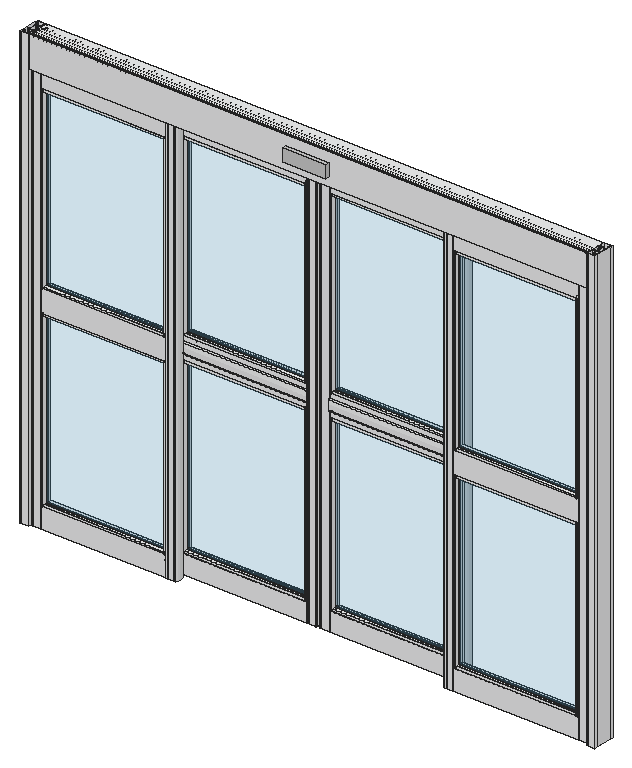
Revit family "2-5-14_Sliding-Door_TX9200SL_Bipart-Outside-Slide-O-SX-SX-O-w-Elec-Lock-Flush-Mnt-Exit-Panic-HDW_Tormax", category Doors, host Wall, Revit 2026 (continued)
Definition of nested family "Door-Sliding-Tormax-Panel-Exit_Panic-SX"
  Forms (in)
    Sweep 6, solid, material <- "Frame Material"
      profile origin (0, 0, 42.75) x (0, 0, 1) y (0, -1, 0)
        loop
          line (-2.25, 0.87481) -> (-2.7498, 0.87481) -> (-2.7498, 0.20955) -> (-2.78466, 0.20955) -> (-2.84579, 0.09459) -> (-2.8238, 0.07259) -> (-2.75189, 0.12483) -> (-2.54207, 0.12483) -> (-2.54207, 0.20955) -> (-2.37445, 0.20955) -> (-2.37445, 0.13997) -> (-2.2878, 0.13997) -> (-2.2878, -0.13997) -> (-2.37445, -0.13997) -> (-2.37445, -0.20955) -> (-2.54207, -0.20955) -> (-2.54207, -0.12483) -> (-2.75189, -0.12483) -> (-2.8238, -0.07259) -> (-2.84579, -0.09459) -> (-2.78466, -0.20955) -> (-2.7498, -0.20955) -> (-2.7498, -0.87481) -> (-2.25, -0.87481) -> (-2.25, -0.66561) -> (-2.15028, -0.66561) -> (-2.15028, -0.76483) -> (-2.10028, -0.76483) -> (-2.10028, -0.6157) -> (-2.20627, -0.6157) -> (-2.33031, -0.49166) -> (-2.33031, -0.32983)
          arc (-2.33031, -0.32983) -> (-2.26489, -0.30274) -> (-2.2378, -0.23732) r 0.09251
          line (-2.2378, -0.23732) -> (-2.2378, -0.1901) -> (-2.094, -0.1901) -> (-2.094, -0.13997) -> (-2.2378, -0.13997) -> (-2.2378, 0.13997) -> (-2.094, 0.13997) -> (-2.094, 0.1901) -> (-2.22479, 0.1901) -> (-2.22479, 0.25955) -> (-2.44266, 0.25955) -> (-2.44266, 0.4032) -> (-2.70014, 0.4032) -> (-2.70014, 0.8251) -> (-2.30017, 0.8251) -> (-2.30017, 0.65698) -> (-2.18569, 0.65698) -> (-2.18569, 0.70698) -> (-2.25, 0.70698) -> (-2.25, 0.87481)
        loop
          line (-2.35006, -0.8251) -> (-2.35006, -0.74143) -> (-2.2839, -0.74143) -> (-2.2839, -0.67847) -> (-2.38031, -0.58206) -> (-2.38031, -0.25099) -> (-2.44266, -0.25099) -> (-2.44266, -0.4032) -> (-2.70014, -0.4032) -> (-2.70014, -0.8251) -> (-2.35006, -0.8251)
        loop
          line (2.25, 0.87481) -> (2.25, 0.70698) -> (2.18569, 0.70698) -> (2.18569, 0.65698) -> (2.30017, 0.65698) -> (2.30017, 0.8251) -> (2.70014, 0.8251) -> (2.70014, 0.4032) -> (2.44266, 0.4032) -> (2.44266, 0.25955) -> (2.22479, 0.25955) -> (2.22479, 0.1901) -> (2.094, 0.1901) -> (2.094, 0.13997) -> (2.2378, 0.13997) -> (2.2378, -0.13997) -> (2.094, -0.13997) -> (2.094, -0.1901) -> (2.2378, -0.1901) -> (2.2378, -0.23732)
          arc (2.2378, -0.23732) -> (2.26489, -0.30274) -> (2.33031, -0.32983) r 0.09251
          line (2.33031, -0.32983) -> (2.33031, -0.49166) -> (2.20627, -0.6157) -> (2.10028, -0.6157) -> (2.10028, -0.76483) -> (2.15028, -0.76483) -> (2.15028, -0.66561) -> (2.25, -0.66561) -> (2.25, -0.87481) -> (2.7498, -0.87481) -> (2.7498, -0.20955) -> (2.78466, -0.20955) -> (2.84579, -0.09459) -> (2.8238, -0.07259) -> (2.75189, -0.12483) -> (2.54207, -0.12483) -> (2.54207, -0.20955) -> (2.37445, -0.20955) -> (2.37445, -0.13997) -> (2.2878, -0.13997) -> (2.2878, 0.13997) -> (2.37445, 0.13997) -> (2.37445, 0.20955) -> (2.54207, 0.20955) -> (2.54207, 0.12483) -> (2.75189, 0.12483) -> (2.8238, 0.07259) -> (2.84579, 0.09459) -> (2.78466, 0.20955) -> (2.7498, 0.20955) -> (2.7498, 0.87481) -> (2.25, 0.87481)
        loop
          line (2.35006, -0.8251) -> (2.70014, -0.8251) -> (2.70014, -0.4032) -> (2.44266, -0.4032) -> (2.44266, -0.25099) -> (2.38031, -0.25099) -> (2.38031, -0.58206) -> (2.2839, -0.67847) -> (2.2839, -0.74143) -> (2.35006, -0.74143) -> (2.35006, -0.8251)
        loop
          line (39.65625, 0.87481) -> (39.15645, 0.87481) -> (39.15645, 0.20955) -> (39.12159, 0.20955) -> (39.06046, 0.09459) -> (39.08245, 0.07259) -> (39.15436, 0.12483) -> (39.36418, 0.12483) -> (39.36418, 0.20955) -> (39.5318, 0.20955) -> (39.5318, 0.13997) -> (39.61845, 0.13997) -> (39.61845, -0.13997) -> (39.5318, -0.13997) -> (39.5318, -0.20955) -> (39.36418, -0.20955) -> (39.36418, -0.12483) -> (39.15436, -0.12483) -> (39.08245, -0.07259) -> (39.06046, -0.09459) -> (39.12159, -0.20955) -> (39.15645, -0.20955) -> (39.15645, -0.87481) -> (39.65625, -0.87481) -> (39.65625, -0.66561) -> (39.75597, -0.66561) -> (39.75597, -0.76483) -> (39.80597, -0.76483) -> (39.80597, -0.6157) -> (39.69998, -0.6157) -> (39.57594, -0.49166) -> (39.57594, -0.32983)
          arc (39.57594, -0.32983) -> (39.64136, -0.30274) -> (39.66845, -0.23732) r 0.09251
          line (39.66845, -0.23732) -> (39.66845, -0.1901) -> (39.81225, -0.1901) -> (39.81225, -0.13997) -> (39.66845, -0.13997) -> (39.66845, 0.13997) -> (39.81225, 0.13997) -> (39.81225, 0.1901) -> (39.68146, 0.1901) -> (39.68146, 0.25955) -> (39.46359, 0.25955) -> (39.46359, 0.4032) -> (39.20611, 0.4032) -> (39.20611, 0.8251) -> (39.60608, 0.8251) -> (39.60608, 0.65698) -> (39.72056, 0.65698) -> (39.72056, 0.70698) -> (39.65625, 0.70698) -> (39.65625, 0.87481)
        loop
          line (39.55619, -0.8251) -> (39.55619, -0.74143) -> (39.62235, -0.74143) -> (39.62235, -0.67847) -> (39.52594, -0.58206) -> (39.52594, -0.25099) -> (39.46359, -0.25099) -> (39.46359, -0.4032) -> (39.20611, -0.4032) -> (39.20611, -0.8251) -> (39.55619, -0.8251)
    Sweep 7, solid, material <- "Frame Material"
      path origin (0, 0, 0) x (1, 0, 0) y (0, 0, 1)
        loop
          line (0, 45) -> (0, 82.40625)
      profile origin (0, 0, 63.70312) x (-1, 0, 0) y (0, -1, 0)
        loop
          line (-18.65625, -0.87481) -> (-18.15645, -0.87481) -> (-18.15645, -0.20955) -> (-18.12159, -0.20955) -> (-18.06046, -0.09459) -> (-18.08245, -0.07259) -> (-18.15436, -0.12483) -> (-18.36418, -0.12483) -> (-18.36418, -0.20955) -> (-18.5318, -0.20955) -> (-18.5318, -0.13997) -> (-18.61845, -0.13997) -> (-18.61845, 0.13997) -> (-18.5318, 0.13997) -> (-18.5318, 0.20955) -> (-18.36418, 0.20955) -> (-18.36418, 0.12483) -> (-18.15436, 0.12483) -> (-18.08245, 0.07259) -> (-18.06046, 0.09459) -> (-18.12159, 0.20955) -> (-18.15645, 0.20955) -> (-18.15645, 0.87481) -> (-18.65625, 0.87481) -> (-18.65625, 0.66561) -> (-18.75597, 0.66561) -> (-18.75597, 0.76483) -> (-18.80597, 0.76483) -> (-18.80597, 0.6157) -> (-18.69998, 0.6157) -> (-18.57594, 0.49166) -> (-18.57594, 0.32983)
          arc (-18.57594, 0.32983) -> (-18.64136, 0.30274) -> (-18.66845, 0.23732) r 0.09251
          line (-18.66845, 0.23732) -> (-18.66845, 0.1901) -> (-18.81225, 0.1901) -> (-18.81225, 0.13997) -> (-18.66845, 0.13997) -> (-18.66845, -0.13997) -> (-18.81225, -0.13997) -> (-18.81225, -0.1901) -> (-18.68146, -0.1901) -> (-18.68146, -0.25955) -> (-18.46359, -0.25955) -> (-18.46359, -0.4032) -> (-18.20611, -0.4032) -> (-18.20611, -0.8251) -> (-18.60608, -0.8251) -> (-18.60608, -0.65698) -> (-18.72056, -0.65698) -> (-18.72056, -0.70698) -> (-18.65625, -0.70698) -> (-18.65625, -0.87481)
        loop
          line (-18.55619, 0.8251) -> (-18.55619, 0.74143) -> (-18.62235, 0.74143) -> (-18.62235, 0.67847) -> (-18.52594, 0.58206) -> (-18.52594, 0.25099) -> (-18.46359, 0.25099) -> (-18.46359, 0.4032) -> (-18.20611, 0.4032) -> (-18.20611, 0.8251) -> (-18.55619, 0.8251)
        loop
          line (18.65625, -0.87481) -> (18.65625, -0.70698) -> (18.72056, -0.70698) -> (18.72056, -0.65698) -> (18.60608, -0.65698) -> (18.60608, -0.8251) -> (18.20611, -0.8251) -> (18.20611, -0.4032) -> (18.46359, -0.4032) -> (18.46359, -0.25955) -> (18.68146, -0.25955) -> (18.68146, -0.1901) -> (18.81225, -0.1901) -> (18.81225, -0.13997) -> (18.66845, -0.13997) -> (18.66845, 0.13997) -> (18.81225, 0.13997) -> (18.81225, 0.1901) -> (18.66845, 0.1901) -> (18.66845, 0.23732)
          arc (18.66845, 0.23732) -> (18.64136, 0.30274) -> (18.57594, 0.32983) r 0.09251
          line (18.57594, 0.32983) -> (18.57594, 0.49166) -> (18.69998, 0.6157) -> (18.80597, 0.6157) -> (18.80597, 0.76483) -> (18.75597, 0.76483) -> (18.75597, 0.66561) -> (18.65625, 0.66561) -> (18.65625, 0.87481) -> (18.15645, 0.87481) -> (18.15645, 0.20955) -> (18.12159, 0.20955) -> (18.06046, 0.09459) -> (18.08245, 0.07259) -> (18.15436, 0.12483) -> (18.36418, 0.12483) -> (18.36418, 0.20955) -> (18.5318, 0.20955) -> (18.5318, 0.13997) -> (18.61845, 0.13997) -> (18.61845, -0.13997) -> (18.5318, -0.13997) -> (18.5318, -0.20955) -> (18.36418, -0.20955) -> (18.36418, -0.12483) -> (18.15436, -0.12483) -> (18.08245, -0.07259) -> (18.06046, -0.09459) -> (18.12159, -0.20955) -> (18.15645, -0.20955) -> (18.15645, -0.87481) -> (18.65625, -0.87481)
        loop
          line (18.55619, 0.8251) -> (18.20611, 0.8251) -> (18.20611, 0.4032) -> (18.46359, 0.4032) -> (18.46359, 0.25099) -> (18.52594, 0.25099) -> (18.52594, 0.58206) -> (18.62235, 0.67847) -> (18.62235, 0.74143) -> (18.55619, 0.74143) -> (18.55619, 0.8251)
    Extrusion 8, solid, material <- "Glass"
      sketch origin (0, 0, 0) x (1, 0, 0) y (0, 1, 0)
        loop
          line (-18.36418, 0.12483) -> (-18.36418, -0.12517) -> (18.36418, -0.12517) -> (18.36418, 0.12483) -> (-18.36418, 0.12483)
      from 45.29207 to 82.11418
    Sweep 9, solid, material <- "Frame Material"
      path origin (0, 0, 0) x (1, 0, 0) y (0, 0, 1)
        loop
          line (-20.78125, 85.5) -> (20.78125, 85.5)
      profile origin (0, 0, 85.5) x (0, 0, 1) y (0, -1, 0)
        loop
          line (-1.05567, 0.9185) -> (-1.34375, 0.9185) -> (-1.34375, -0.7995) -> (-0.71867, -0.7995) -> (-0.71867, 0.14602)
          arc (-0.71867, 0.14602) -> (-0.73017, 0.19158) -> (-0.7459, 0.23586) r 0.5
          arc (-0.7459, 0.23586) -> (-0.77367, 0.2545) -> (-0.80143, 0.23586) r 0.03
          arc (-0.80143, 0.23586) -> (-0.82927, 0.143) -> (-0.83867, 0.04652) r 0.5
          line (-0.83867, 0.04652) -> (-0.83867, -0.19357)
          arc (-0.83867, -0.19357) -> (-0.9137, -0.2685) -> (-0.98867, -0.1935) r 0.075
          line (-0.98867, -0.1935) -> (-0.98867, 0.34217)
          arc (-0.98867, 0.34217) -> (-1.0072, 0.47704) -> (-1.06143, 0.60192) r 0.5
          line (-1.06143, 0.60192) -> (-1.18067, 0.55479) -> (-1.18067, 0.7442) -> (-1.05567, 0.69479) -> (-1.05567, 0.9185)
  Lines and regions (in)
    symbolic lines
      curve 1: line (-20.78125, 0.91, 0) -> (-20.78125, 42.4725, 0)
      curve 2: arc (-20.78125, 42.4725, 0) -> (8.60788, 30.29913, 0) -> (20.78125, 0.91, 0) r 41.5625
      curve 3: line (-20.78125, 0, 42.75) -> (20.78125, 0, 84.15625)
      curve 4: line (-20.78125, 0, 42.75) -> (20.78125, 0, 0)
  Dimensions and locks (in)
    "Height": plane 4 to level
    equal spacing: plane 10, plane 3 "Center (Left/Right)", plane 11
    "Width": plane 10 to plane 11
    "Thickness": plane 9 to plane 8
    equal spacing: plane 9, plane 1 "Center (Front/Back)", plane 8
    locked: plane 10 to plane 12 at 2.125
    locked: plane 13 to plane 11 at 2.125
    locked: plane 5 to level at 42.75
    plane 10 to Sweep 1 sketch curve to Sweep 1 sketch curve = 0' - 2 1/8" locked, 0' - 0" locked
    locked: plane 17 to plane 2 at 4.3125
    locked: Sweep 4 sketch curve to plane 13 at 0.4998  (x2)
    plane 12 to Sweep 4 sketch curve to Sweep 4 sketch curve = 0' - 0.4998" locked, 0' - 0" locked
    plane 7 to plane 1 "Center (Front/Back)" to plane 6 = 0' - 0.12517" locked, 0' - 0.12483" locked
    locked: Extrusion 5 sketch curve to plane 13 at 0.29207
    locked: plane 12 to Extrusion 5 sketch curve at 0.29207
    locked: Sweep 6 sketch curve to plane 13 at 0.4998
    locked: Sweep 6 sketch curve to plane 12 at 0.4998
    locked: Sweep 6 sketch curve to plane 2 at 4.8123  (x2)
    Sweep 6 sketch curve to Sweep 6 sketch curve to plane 15 = 0' - 0" locked, 0' - 0.4998" locked
    Sweep 6 sketch curve to Sweep 6 sketch curve to plane 14 = 0' - 0" locked, 0' - 0.4998" locked
    Sweep 6 sketch curve to Sweep 6 sketch curve to plane 16 = 0' - 0" locked, 0' - 0.4998" locked
    locked: plane 2 to Extrusion 5 at 4.60457
    locked: Extrusion 5 to plane 15 at 0.29207
    locked: Extrusion 8 to plane 14 at 0.29207
    locked: Extrusion 8 to plane 16 at 0.29207
    locked: plane 12 to Sweep 7 sketch curve at 0.4998  (x2)
    Sweep 7 sketch curve to Sweep 7 sketch curve to plane 13 = 0' - 0" locked, 0' - 0.4998" locked
    locked: plane 4 to Sweep 1 sketch curve at 1.34375
    locked: plane 4 to Sweep 3 sketch curve at 1.34375
    locked: plane 16 to plane 4 at 3.09375
    plane 4 to Sweep 9 sketch curve to Sweep 9 sketch curve = 0' - 0.71867" locked, 0' - 0.62508" locked
    plane 16 to Sweep 2 sketch curve to Sweep 2 sketch curve = 0' - 1.444" locked, 0' - 0.15" locked
    locked: plane 4 to curve 3 at 1.34375
    plane 13 to plane 11 = 0' - 2 1/8"
    locked: Sweep 1 sketch curve to plane 2 at 0.3125
    locked: Sweep 3 sketch curve to plane 2 at 0.3125
    locked: plane 14 to plane 5 at 2.25
    locked: plane 5 to plane 15 at 2.25
    "Width": radius of curve 2
    aligned and locked: plane 2 to level
    aligned and locked: Sweep 1 sketch curve to plane 10
    aligned and locked: Sweep 1 sketch curve to plane 9
    aligned and locked: Sweep 1 sketch curve to plane 8
    aligned and locked: plane 12 to Sweep 2 sketch curve
    aligned and locked: plane 13 to Sweep 2 sketch curve
    aligned and locked: Sweep 2 sketch curve to plane 2
    aligned and locked: plane 14 to Sweep 2 sketch curve
    aligned and locked: Sweep 2 sketch curve to plane 14
    aligned and locked: plane 11 to Sweep 3 sketch curve
    aligned and locked: plane 13 to Sweep 3 sketch curve
    aligned and locked: plane 3 "Center (Left/Right)" to Sweep 4 sketch curve
    aligned and locked: plane 15 to Sweep 4 sketch curve
    aligned and locked: plane 17 to Sweep 4 sketch curve
    aligned and locked: Sweep 4 sketch curve to plane 13
    aligned and locked: plane 13 to Sweep 4 sketch curve
    aligned and locked: plane 12 to Sweep 4 sketch curve
    aligned and locked: Sweep 4 sketch curve to plane 12
    aligned and locked: plane 6 to Extrusion 5 sketch curve
    aligned and locked: plane 7 to Extrusion 5 sketch curve
    aligned and locked: Sweep 6 sketch curve to plane 5
    aligned and locked: plane 17 to Sweep 6 sketch curve
    aligned and locked: Sweep 6 sketch curve to plane 17
    aligned and locked: plane 15 to Sweep 6 sketch curve
    aligned and locked: Sweep 6 sketch curve to plane 15
    aligned and locked: Sweep 6 sketch curve to plane 14
    aligned and locked: plane 14 to Sweep 6 sketch curve
    aligned and locked: Sweep 6 sketch curve to plane 16
    aligned and locked: plane 16 to Sweep 6 sketch curve
    aligned and locked: plane 16 to Sweep 7 sketch curve
    aligned and locked: plane 14 to Sweep 7 sketch curve
    aligned and locked: plane 12 to Sweep 7 sketch curve
    aligned and locked: Sweep 7 sketch curve to plane 12
    aligned and locked: Sweep 7 sketch curve to plane 13
    aligned and locked: plane 13 to Sweep 7 sketch curve
    aligned and locked: plane 10 to Sweep 9 sketch curve
    aligned and locked: plane 11 to Sweep 9 sketch curve
    aligned and locked: Sweep 9 sketch curve to plane 4
    aligned and locked: Sweep 2 sketch curve to plane 16  (x2)
    aligned and locked: plane 9 to curve 2  (x2)
    aligned and locked: plane 10 to curve 2
    aligned and locked: plane 5 to curve 4
    aligned and locked: plane 10 to curve 3
    aligned and locked: curve 4 to plane 11
    aligned and locked: plane 2 to curve 4
    aligned and locked: plane 11 to curve 3
    aligned and locked: plane 15 to Sweep 2 sketch curve  (x2)
  Automatic sketch dimensions
    Sweep 4 sketch curve to Sweep 4 sketch curve = 0' - 0.0122"
    Sweep 4 sketch curve to plane 1 "Center (Front/Back)" = 0' - 0.13997"
    Sweep 4 sketch curve to Sweep 4 sketch curve = 0' - 0"  (x5)
    Sweep 4 sketch curve to Sweep 4 sketch curve = 0' - 0.01301"  (x2)
    plane 1 "Center (Front/Back)" to Sweep 4 sketch curve = 0' - 0.6157"
    Sweep 4 sketch curve to Sweep 4 sketch curve = 0' - 0.04373"  (x2)
    Sweep 4 sketch curve to Sweep 4 sketch curve = 0' - 0.06431"  (x2)
    Sweep 4 sketch curve to Sweep 4 sketch curve = 0' - 0.05599"
    Sweep 4 sketch curve to Sweep 4 sketch curve = 0' - 0.05"  (x8)
    Sweep 4 sketch curve to Sweep 4 sketch curve = 0' - 0.13079"  (x2)
    Sweep 4 sketch curve to Sweep 4 sketch curve = 0' - 0.1438"  (x2)
    Sweep 4 sketch curve to Sweep 4 sketch curve = 0' - 0.0339"  (x2)
    Sweep 4 sketch curve to Sweep 4 sketch curve = 0' - 0.05017"  (x2)
    plane 1 "Center (Front/Back)" to Sweep 4 sketch curve = 0' - 0.49166"
    Sweep 4 sketch curve to Sweep 4 sketch curve = 0' - 0.12404"  (x2)
    Sweep 4 sketch curve to Sweep 4 sketch curve = 0' - 0.06616"  (x2)
    Sweep 4 sketch curve to Sweep 4 sketch curve = 0' - 0.08665"  (x3)
    Sweep 4 sketch curve to Sweep 4 sketch curve = 0' - 0.00586"  (x2)
    Sweep 4 sketch curve to Sweep 4 sketch curve = 0' - 0.0682"  (x2)
    Sweep 4 sketch curve to Sweep 4 sketch curve = 0' - 0.11234"
    Sweep 4 sketch curve to Sweep 4 sketch curve = 0' - 0.09942"  (x4)
    Sweep 4 sketch curve to Sweep 4 sketch curve = 0' - 0.04966"  (x4)
    Sweep 4 sketch curve to plane 1 "Center (Front/Back)" = 0' - 0.12483"
    Sweep 4 sketch curve to Sweep 4 sketch curve = 0' - 0.00209"  (x2)
    Sweep 4 sketch curve to Sweep 4 sketch curve = 0' - 0.03487"  (x4)
    plane 1 "Center (Front/Back)" to Sweep 4 sketch curve = 0' - 0.20955"  (x2)
    plane 1 "Center (Front/Back)" to Sweep 4 sketch curve = 0' - 0.07259"  (x2)
    Sweep 4 sketch curve to Sweep 4 sketch curve = 0' - 0.0719"  (x4)
    Sweep 4 sketch curve to plane 1 "Center (Front/Back)" = 0' - 0.07259"  (x2)
    Sweep 4 sketch curve to plane 1 "Center (Front/Back)" = 0' - 0.09459"  (x2)
    Sweep 4 sketch curve to Sweep 4 sketch curve = 0' - 0.02199"  (x4)
    plane 1 "Center (Front/Back)" to Sweep 4 sketch curve = 0' - 0.09459"  (x2)
    Sweep 4 sketch curve to Sweep 4 sketch curve = 0' - 0.06113"
    Sweep 4 sketch curve to plane 1 "Center (Front/Back)" = 0' - 0.20955"
    plane 1 "Center (Front/Back)" to Sweep 4 sketch curve = 0' - 0.12483"
    Sweep 4 sketch curve to Sweep 4 sketch curve = 0' - 0.06234"
    Sweep 4 sketch curve to Sweep 4 sketch curve = 0' - 0.03026"
    Sweep 4 sketch curve to Sweep 4 sketch curve = 0' - 0.14248"
    Sweep 4 sketch curve to Sweep 4 sketch curve = 0' - 0.09251"
    Sweep 4 sketch curve to Sweep 4 sketch curve = 0' - 0.13361"
    Sweep 4 sketch curve to plane 1 "Center (Front/Back)" = 0' - 0.25955"
    Sweep 4 sketch curve to Sweep 4 sketch curve = 0' - 0.11958"
    Sweep 4 sketch curve to Sweep 4 sketch curve = 0' - 0.14365"
    Sweep 4 sketch curve to Sweep 4 sketch curve = 0' - 0.19365"  (x3)
    Sweep 4 sketch curve to Sweep 4 sketch curve = 0' - 0.25378"  (x2)
    Sweep 4 sketch curve to Sweep 4 sketch curve = 0' - 0.4219"  (x2)
    Sweep 4 sketch curve to Sweep 4 sketch curve = 0' - 0.04971"  (x4)
    Sweep 4 sketch curve to Sweep 4 sketch curve = 0' - 0.08472"  (x5)
    Sweep 4 sketch curve to Sweep 4 sketch curve = 0' - 0.05012"  (x4)
    Sweep 4 sketch curve to Sweep 4 sketch curve = 0' - 0.06945"
    Sweep 4 sketch curve to Sweep 4 sketch curve = 0' - 0.06958"  (x2)
    plane 1 "Center (Front/Back)" to Sweep 4 sketch curve = 0' - 0.13997"  (x2)
    Sweep 4 sketch curve to Sweep 4 sketch curve = 0' - 0.04722"
    Sweep 4 sketch curve to Sweep 4 sketch curve = 0' - 0.02777"
    Sweep 4 sketch curve to Sweep 4 sketch curve = 0' - 0.04144"  (x2)
    Sweep 4 sketch curve to Sweep 4 sketch curve = 0' - 0.08847"
    Sweep 4 sketch curve to Sweep 4 sketch curve = 0' - 0.0904"  (x2)
    Sweep 4 sketch curve to Sweep 4 sketch curve = 0' - 0.04991"  (x2)
    Sweep 4 sketch curve to Sweep 4 sketch curve = 0' - 0.01286"  (x2)
    Sweep 4 sketch curve to Sweep 4 sketch curve = 0' - 0.06296"  (x2)
    Sweep 4 sketch curve to Sweep 4 sketch curve = 0' - 0.09922"  (x2)
    Sweep 4 sketch curve to Sweep 4 sketch curve = 0' - 0.08367"  (x2)
    plane 1 "Center (Front/Back)" to Sweep 6 sketch curve = 0' - 0.13997"  (x4)
    Sweep 6 sketch curve to Sweep 6 sketch curve = 0' - 0.512"
    Sweep 6 sketch curve to Sweep 6 sketch curve = 0' - 0"  (x10)
    Sweep 6 sketch curve to Sweep 6 sketch curve = 0' - 0.01301"  (x4)
    Sweep 6 sketch curve to plane 1 "Center (Front/Back)" = 0' - 0.6157"  (x2)
    Sweep 6 sketch curve to Sweep 6 sketch curve = 0' - 0.04373"  (x4)
    Sweep 6 sketch curve to Sweep 6 sketch curve = 0' - 0.06431"  (x4)
    Sweep 6 sketch curve to Sweep 6 sketch curve = 0' - 0.09972"
    Sweep 6 sketch curve to Sweep 6 sketch curve = 0' - 0.05"  (x19)
    Sweep 6 sketch curve to Sweep 6 sketch curve = 0' - 0.13079"  (x4)
    Sweep 6 sketch curve to Sweep 6 sketch curve = 0' - 0.1438"  (x4)
    Sweep 6 sketch curve to Sweep 6 sketch curve = 0' - 0.0339"  (x3)
    Sweep 6 sketch curve to Sweep 6 sketch curve = 0' - 0.05017"  (x4)
    Sweep 6 sketch curve to Sweep 6 sketch curve = 0' - 0.09251"
    Sweep 6 sketch curve to Sweep 6 sketch curve = 0' - 0.06616"  (x3)
    Sweep 6 sketch curve to Sweep 6 sketch curve = 0' - 0.08665"  (x4)
    Sweep 6 sketch curve to Sweep 6 sketch curve = 0' - 0.04414"  (x2)
    Sweep 6 sketch curve to plane 1 "Center (Front/Back)" = 0' - 0.58206"  (x2)
    Sweep 6 sketch curve to Sweep 6 sketch curve = 0' - 0.11234"  (x2)
    Sweep 6 sketch curve to Sweep 6 sketch curve = 0' - 0.0682"  (x4)
    Sweep 6 sketch curve to Sweep 6 sketch curve = 0' - 0.09942"  (x8)
    Sweep 6 sketch curve to Sweep 6 sketch curve = 0' - 0.04966"  (x8)
    plane 1 "Center (Front/Back)" to Sweep 6 sketch curve = 0' - 0.12483"  (x3)
    Sweep 6 sketch curve to Sweep 6 sketch curve = 0' - 0.00209"  (x6)
    Sweep 6 sketch curve to Sweep 6 sketch curve = 0' - 0.03487"  (x8)
    Sweep 6 sketch curve to plane 1 "Center (Front/Back)" = 0' - 0.20955"
    Sweep 6 sketch curve to plane 1 "Center (Front/Back)" = 0' - 0.07259"  (x4)
    Sweep 6 sketch curve to Sweep 6 sketch curve = 0' - 0.0719"  (x6)
    plane 1 "Center (Front/Back)" to Sweep 6 sketch curve = 0' - 0.07259"  (x4)
    Sweep 6 sketch curve to plane 1 "Center (Front/Back)" = 0' - 0.09459"  (x4)
    Sweep 6 sketch curve to Sweep 6 sketch curve = 0' - 0.02199"  (x8)
    plane 1 "Center (Front/Back)" to Sweep 6 sketch curve = 0' - 0.09459"  (x4)
    Sweep 6 sketch curve to Sweep 6 sketch curve = 0' - 0.09599"  (x2)
    Sweep 6 sketch curve to Sweep 6 sketch curve = 0' - 0.20772"  (x2)
    Sweep 6 sketch curve to Sweep 6 sketch curve = 0' - 0.13031"
    Sweep 6 sketch curve to Sweep 6 sketch curve = 0' - 0.00586"  (x3)
    Sweep 6 sketch curve to Sweep 6 sketch curve = 0' - 0.10006"  (x2)
    Sweep 6 sketch curve to Sweep 6 sketch curve = 0' - 0.05599"
    Sweep 6 sketch curve to Sweep 6 sketch curve = 0' - 0.156"
    Sweep 6 sketch curve to Sweep 6 sketch curve = 0' - 0.14972"
    Sweep 6 sketch curve to Sweep 6 sketch curve = 0' - 0.12404"
    plane 1 "Center (Front/Back)" to Sweep 6 sketch curve = 0' - 0.20955"  (x2)
    Sweep 6 sketch curve to Sweep 6 sketch curve = 0' - 0.06113"
    Sweep 6 sketch curve to Sweep 6 sketch curve = 0' - 0.06234"
    Sweep 6 sketch curve to Sweep 6 sketch curve = 0' - 0.03026"
    Sweep 6 sketch curve to plane 1 "Center (Front/Back)" = 0' - 0.49166"
    Sweep 6 sketch curve to Sweep 6 sketch curve = 0' - 0.14248"
    Sweep 6 sketch curve to Sweep 6 sketch curve = 0' - 0.13361"
    Sweep 6 sketch curve to Sweep 6 sketch curve = 0' - 0.04991"  (x4)
    Sweep 6 sketch curve to Sweep 6 sketch curve = 0' - 0.08355"
    Sweep 6 sketch curve to plane 1 "Center (Front/Back)" = 0' - 0.66561"
    Sweep 6 sketch curve to Sweep 6 sketch curve = 0' - 0.01286"  (x4)
    Sweep 6 sketch curve to Sweep 6 sketch curve = 0' - 0.06296"  (x4)
    Sweep 6 sketch curve to Sweep 6 sketch curve = 0' - 0.09922"  (x4)
    Sweep 6 sketch curve to Sweep 6 sketch curve = 0' - 0.08367"  (x4)
    Sweep 6 sketch curve to Sweep 6 sketch curve = 0' - 0.04971"  (x8)
    Sweep 6 sketch curve to Sweep 6 sketch curve = 0' - 0.09641"  (x2)
    Sweep 6 sketch curve to Sweep 6 sketch curve = 0' - 0.0904"  (x3)
    Sweep 6 sketch curve to Sweep 6 sketch curve = 0' - 0 79/256"  (x2)
    Sweep 6 sketch curve to Sweep 6 sketch curve = 0' - 0.19365"  (x3)
    Sweep 6 sketch curve to Sweep 6 sketch curve = 0' - 0.08847"
    Sweep 6 sketch curve to Sweep 6 sketch curve = 0' - 0.07336"  (x4)
    Sweep 6 sketch curve to Sweep 6 sketch curve = 0' - 0.01367"  (x4)
    Sweep 6 sketch curve to Sweep 6 sketch curve = 0' - 0.11496"  (x3)
    Sweep 6 sketch curve to Sweep 6 sketch curve = 0' - 0.04144"  (x4)
    Sweep 6 sketch curve to Sweep 6 sketch curve = 0' - 0.04722"  (x4)
    Sweep 6 sketch curve to Sweep 6 sketch curve = 0' - 0.05012"  (x8)
    Sweep 6 sketch curve to Sweep 6 sketch curve = 0' - 0.06958"  (x4)
    Sweep 6 sketch curve to Sweep 6 sketch curve = 0' - 0.08472"  (x9)
    Sweep 6 sketch curve to Sweep 6 sketch curve = 0' - 0.06945"
    Sweep 6 sketch curve to Sweep 6 sketch curve = 0' - 0.14365"  (x2)
    Sweep 6 sketch curve to Sweep 6 sketch curve = 0' - 0.25378"  (x4)
    Sweep 6 sketch curve to Sweep 6 sketch curve = 0' - 0.11812"  (x3)
    Sweep 6 sketch curve to Sweep 6 sketch curve = 0' - 0.4219"
    Sweep 7 sketch curve to plane 3 "Center (Left/Right)" = 0' - 0"
    plane 1 "Center (Front/Back)" to Sweep 7 sketch curve = 0' - 0.1901"
    Sweep 7 sketch curve to Sweep 7 sketch curve = 0' - 0"  (x6)
    Sweep 7 sketch curve to Sweep 7 sketch curve = 0' - 0.00628"
    Sweep 7 sketch curve to Sweep 7 sketch curve = 0' - 0.05"  (x8)
    Sweep 7 sketch curve to Sweep 7 sketch curve = 0' - 0.05599"
    Sweep 7 sketch curve to Sweep 7 sketch curve = 0' - 0.13079"  (x2)
    Sweep 7 sketch curve to Sweep 7 sketch curve = 0' - 0.1438"  (x2)
    Sweep 7 sketch curve to Sweep 7 sketch curve = 0' - 0.06431"  (x2)
    Sweep 7 sketch curve to Sweep 7 sketch curve = 0' - 0.04373"  (x2)
    Sweep 7 sketch curve to Sweep 7 sketch curve = 0' - 0.0339"  (x2)
    Sweep 7 sketch curve to Sweep 7 sketch curve = 0' - 0.05017"  (x2)
    plane 1 "Center (Front/Back)" to Sweep 7 sketch curve = 0' - 0.49166"
    Sweep 7 sketch curve to Sweep 7 sketch curve = 0' - 0.12404"  (x3)
    Sweep 7 sketch curve to Sweep 7 sketch curve = 0' - 0.06616"  (x2)
    Sweep 7 sketch curve to Sweep 7 sketch curve = 0' - 0.08665"  (x3)
    Sweep 7 sketch curve to Sweep 7 sketch curve = 0' - 0.00586"  (x2)
    Sweep 7 sketch curve to Sweep 7 sketch curve = 0' - 0.0682"  (x2)
    Sweep 7 sketch curve to Sweep 7 sketch curve = 0' - 0.11234"
    Sweep 7 sketch curve to Sweep 7 sketch curve = 0' - 0.09942"  (x4)
    Sweep 7 sketch curve to Sweep 7 sketch curve = 0' - 0.04966"  (x4)
    Sweep 7 sketch curve to plane 1 "Center (Front/Back)" = 0' - 0.12483"
    Sweep 7 sketch curve to Sweep 7 sketch curve = 0' - 0.00209"  (x2)
    Sweep 7 sketch curve to Sweep 7 sketch curve = 0' - 0.03487"  (x4)
    plane 1 "Center (Front/Back)" to Sweep 7 sketch curve = 0' - 0.20955"  (x2)
    plane 1 "Center (Front/Back)" to Sweep 7 sketch curve = 0' - 0.07259"  (x2)
    Sweep 7 sketch curve to Sweep 7 sketch curve = 0' - 0.0719"  (x4)
    Sweep 7 sketch curve to plane 1 "Center (Front/Back)" = 0' - 0.07259"  (x2)
    Sweep 7 sketch curve to plane 1 "Center (Front/Back)" = 0' - 0.09459"  (x2)
    Sweep 7 sketch curve to Sweep 7 sketch curve = 0' - 0.02199"  (x4)
    plane 1 "Center (Front/Back)" to Sweep 7 sketch curve = 0' - 0.09459"  (x2)
    Sweep 7 sketch curve to plane 1 "Center (Front/Back)" = 0' - 0.20955"
    Sweep 7 sketch curve to Sweep 7 sketch curve = 0' - 0.06113"
    plane 1 "Center (Front/Back)" to Sweep 7 sketch curve = 0' - 0.12483"
    Sweep 7 sketch curve to Sweep 7 sketch curve = 0' - 0.06234"
    Sweep 7 sketch curve to Sweep 7 sketch curve = 0' - 0.03026"
    Sweep 7 sketch curve to Sweep 7 sketch curve = 0' - 0.14248"
    Sweep 7 sketch curve to Sweep 7 sketch curve = 0' - 0.09251"
    Sweep 7 sketch curve to Sweep 7 sketch curve = 0' - 0.01301"
    Sweep 7 sketch curve to Sweep 7 sketch curve = 0' - 0.13361"
    Sweep 7 sketch curve to plane 1 "Center (Front/Back)" = 0' - 0.25955"  (x2)
    Sweep 7 sketch curve to Sweep 7 sketch curve = 0' - 0.14365"
    Sweep 7 sketch curve to Sweep 7 sketch curve = 0' - 0.19365"  (x3)
    Sweep 7 sketch curve to Sweep 7 sketch curve = 0' - 0.25378"  (x2)
    Sweep 7 sketch curve to Sweep 7 sketch curve = 0' - 0.4219"  (x2)
    Sweep 7 sketch curve to Sweep 7 sketch curve = 0' - 0.04971"  (x4)
    Sweep 7 sketch curve to Sweep 7 sketch curve = 0' - 0.08472"  (x5)
    Sweep 7 sketch curve to Sweep 7 sketch curve = 0' - 0.06945"  (x2)
    Sweep 7 sketch curve to Sweep 7 sketch curve = 0' - 0.05012"  (x4)
    Sweep 7 sketch curve to Sweep 7 sketch curve = 0' - 0.06958"  (x2)
    plane 1 "Center (Front/Back)" to Sweep 7 sketch curve = 0' - 0.13997"
    Sweep 7 sketch curve to Sweep 7 sketch curve = 0' - 0.04722"
    Sweep 7 sketch curve to Sweep 7 sketch curve = 0' - 0.02777"
    Sweep 7 sketch curve to Sweep 7 sketch curve = 0' - 0.04144"  (x2)
    Sweep 7 sketch curve to Sweep 7 sketch curve = 0' - 0.08847"
    Sweep 7 sketch curve to Sweep 7 sketch curve = 0' - 0.0904"  (x2)
    Sweep 7 sketch curve to Sweep 7 sketch curve = 0' - 0.04991"  (x2)
    Sweep 7 sketch curve to Sweep 7 sketch curve = 0' - 0.01286"  (x2)
    Sweep 7 sketch curve to Sweep 7 sketch curve = 0' - 0.06296"  (x2)
    Sweep 7 sketch curve to Sweep 7 sketch curve = 0' - 0.09922"  (x2)
    Sweep 7 sketch curve to Sweep 7 sketch curve = 0' - 0.08367"  (x2)
    Extrusion 8 sketch curve to plane 7 = 0' - 0"
    plane 6 to Extrusion 8 sketch curve = 0' - 0"
    plane 12 to Extrusion 8 sketch curve = 0' - 0.29207"
    plane 13 to Extrusion 8 sketch curve = 0' - 0.29207"
    plane 1 "Center (Front/Back)" to Sweep 9 sketch curve = 0' - 0.34217"
    Sweep 9 sketch curve to Sweep 9 sketch curve = 0' - 0.28232"
    Sweep 9 sketch curve to Sweep 9 sketch curve = 0' - 0.11923"
    plane 1 "Center (Front/Back)" to Sweep 9 sketch curve = 0' - 0.55479"
    Sweep 9 sketch curve to Sweep 9 sketch curve = 0' - 0 1/8"
    Sweep 9 sketch curve to Sweep 9 sketch curve = 0' - 0.00577"
    Sweep 9 sketch curve to Sweep 9 sketch curve = 0' - 0.25975"
    Sweep 9 sketch curve to Sweep 9 sketch curve = 0' - 0.09287"
    Sweep 9 sketch curve to Sweep 9 sketch curve = 0' - 0.04941"
    Sweep 9 sketch curve to Sweep 9 sketch curve = 0' - 0.22371"
    Sweep 9 sketch curve to plane 1 "Center (Front/Back)" = 0' - 0.1935"
    Sweep 9 sketch curve to Sweep 9 sketch curve = 0' - 0.075"
    Sweep 9 sketch curve to Sweep 9 sketch curve = 0' - 0.00006"
    plane 1 "Center (Front/Back)" to Sweep 9 sketch curve = 0' - 0.04652"  (x2)
    Sweep 9 sketch curve to Sweep 9 sketch curve = 0' - 0"  (x2)
    Sweep 9 sketch curve to Sweep 9 sketch curve = 0' - 0.065"
    Sweep 9 sketch curve to Sweep 9 sketch curve = 0' - 0.17797"
    Sweep 9 sketch curve to Sweep 9 sketch curve = 0' - 0.02777"
    Sweep 9 sketch curve to Sweep 9 sketch curve = 0' - 0.12"
    Sweep 9 sketch curve to Sweep 9 sketch curve = 0' - 0.60594"
    plane 1 "Center (Front/Back)" to Sweep 9 sketch curve = 0' - 0.14602"
    Sweep 9 sketch curve to Sweep 9 sketch curve = 0' - 0.22"
    Sweep 3 sketch curve to Sweep 3 sketch curve = 0' - 0"  (x9)
    plane 1 "Center (Front/Back)" to Sweep 3 sketch curve = 0' - 0"
    Sweep 3 sketch curve to Sweep 3 sketch curve = 0' - 0.09725"
    Sweep 3 sketch curve to Sweep 3 sketch curve = 0' - 0.09783"  (x2)
    Sweep 3 sketch curve to Sweep 3 sketch curve = 0' - 0.05875"
    Sweep 3 sketch curve to Sweep 3 sketch curve = 0' - 0 1/8"
    Sweep 3 sketch curve to profile plane = 0' - 0.33606"
    Sweep 3 sketch curve to Sweep 3 sketch curve = 0' - 0.05805"
    Sweep 3 sketch curve to profile plane = 0' - 0.25342"
    Sweep 3 sketch curve to Sweep 3 sketch curve = 0' - 0.00312"
    Sweep 3 sketch curve to Sweep 3 sketch curve = 0' - 0.07719"  (x2)
    Sweep 3 sketch curve to Sweep 3 sketch curve = 0' - 0.06839"
    Sweep 3 sketch curve to Sweep 3 sketch curve = 0' - 0.01995"  (x2)
    Sweep 3 sketch curve to Sweep 3 sketch curve = 0' - 0.03503"  (x2)
    Sweep 3 sketch curve to Sweep 3 sketch curve = 0' - 0.05764"  (x2)
    Sweep 3 sketch curve to Sweep 3 sketch curve = 0' - 0.05533"
    Sweep 3 sketch curve to Sweep 3 sketch curve = 0' - 0.07528"  (x2)
    Sweep 3 sketch curve to Sweep 3 sketch curve = 0' - 0.07175"  (x2)
    Sweep 3 sketch curve to profile plane = 0' - 0.05562"  (x2)
    Sweep 3 sketch curve to plane 1 "Center (Front/Back)" = 0' - 0.18239"
    Sweep 3 sketch curve to Sweep 3 sketch curve = 0' - 0.19693"  (x2)
    Sweep 3 sketch curve to Sweep 3 sketch curve = 0' - 0.07617"  (x2)
    Sweep 3 sketch curve to Sweep 3 sketch curve = 0' - 0.01817"  (x2)
    Sweep 3 sketch curve to Sweep 3 sketch curve = 0' - 0.01512"
    Sweep 3 sketch curve to Sweep 3 sketch curve = 0' - 0.05648"
    Sweep 3 sketch curve to Sweep 3 sketch curve = 0' - 0.02003"  (x2)
    plane 1 "Center (Front/Back)" to Sweep 3 sketch curve = 0' - 0.18239"
    Sweep 3 sketch curve to Sweep 3 sketch curve = 0' - 0.05615"
    Sweep 3 sketch curve to Sweep 3 sketch curve = 0' - 0.07564"
    Sweep 3 sketch curve to Sweep 3 sketch curve = 0' - 0.14517"
    Sweep 3 sketch curve to Sweep 3 sketch curve = 0' - 0.05815"
    Sweep 3 sketch curve to Sweep 3 sketch curve = 0' - 0.10029"
    Sweep 3 sketch curve to profile plane = 0' - 0.10913"
    Sweep 3 sketch curve to profile plane = 0' - 0.10975"
    Sweep 3 sketch curve to Sweep 3 sketch curve = 0' - 0.07408"
    Sweep 1 sketch curve to Sweep 1 sketch curve = 0' - 0"  (x4)
    plane 1 "Center (Front/Back)" to Sweep 1 sketch curve = 0' - 0"
    Sweep 1 sketch curve to plane 1 "Center (Front/Back)" = 0' - 0.77559"
    Sweep 1 sketch curve to Sweep 1 sketch curve = 0' - 0.11639"  (x2)
    Sweep 1 sketch curve to Sweep 1 sketch curve = 0' - 0.03961"
    Sweep 1 sketch curve to Sweep 1 sketch curve = 0' - 0 1/8"
    profile plane to Sweep 1 sketch curve = 0' - 0 1/4"
    profile plane to Sweep 1 sketch curve = 0' - 0.22824"
    profile plane to Sweep 1 sketch curve = 0' - 0.14081"
    Sweep 1 sketch curve to Sweep 1 sketch curve = 0' - 0.11893"  (x2)
    Sweep 1 sketch curve to Sweep 1 sketch curve = 0' - 0.01059"
    Sweep 1 sketch curve to Sweep 1 sketch curve = 0' - 0.0672"  (x2)
    Sweep 1 sketch curve to Sweep 1 sketch curve = 0' - 0.20161"
    Sweep 1 sketch curve to Sweep 1 sketch curve = 0' - 0.05661"
    Sweep 1 sketch curve to Sweep 1 sketch curve = 0' - 0.02176"
    plane 1 "Center (Front/Back)" to Sweep 1 sketch curve = 0' - 0.18701"
    curve 1 to plane 9 = 0' - 0"
    plane 1 "Center (Front/Back)" to Sweep 2 sketch curve = 0' - 0.8749"
    Sweep 2 sketch curve to profile plane = 0' - 4 5/16"
    Sweep 2 sketch curve to plane 1 "Center (Front/Back)" = 0' - 0.70921"
    Sweep 2 sketch curve to Sweep 2 sketch curve = 0' - 0"  (x3)
    Sweep 2 sketch curve to Sweep 2 sketch curve = 0' - 0.10643"  (x4)
    plane 1 "Center (Front/Back)" to Sweep 2 sketch curve = 0' - 0.77066"
    Sweep 2 sketch curve to Sweep 2 sketch curve = 0' - 0.04797"  (x2)
    Sweep 2 sketch curve to Sweep 2 sketch curve = 0' - 0.12615"  (x2)
    Sweep 2 sketch curve to Sweep 2 sketch curve = 0' - 0.24666"  (x2)
    Sweep 2 sketch curve to Sweep 2 sketch curve = 0' - 0.45154"  (x2)
    Sweep 2 sketch curve to Sweep 2 sketch curve = 0' - 0.25159"  (x2)
    Sweep 2 sketch curve to Sweep 2 sketch curve = 0' - 0.13262"  (x2)
    Sweep 2 sketch curve to Sweep 2 sketch curve = 0' - 0.25063"  (x3)
    Sweep 2 sketch curve to Sweep 2 sketch curve = 0' - 0.44876"  (x2)
    Sweep 2 sketch curve to Sweep 2 sketch curve = 0' - 0 1/8"  (x3)
    Sweep 2 sketch curve to Sweep 2 sketch curve = 0' - 0.37452"
    Sweep 2 sketch curve to Sweep 2 sketch curve = 0' - 0.46746"
    Sweep 2 sketch curve to Sweep 2 sketch curve = 0' - 0.12888"
    Sweep 2 sketch curve to plane 1 "Center (Front/Back)" = 0' - 0 109/256"
    Sweep 2 sketch curve to Sweep 2 sketch curve = 0' - 0.28811"
    Sweep 2 sketch curve to Sweep 2 sketch curve = 0' - 0.03645"
    Sweep 2 sketch curve to Sweep 2 sketch curve = 0' - 0.4315"
    Sweep 2 sketch curve to Sweep 2 sketch curve = 0' - 0.18962"
    Sweep 2 sketch curve to Sweep 2 sketch curve = 0' - 0.12563"
    Sweep 2 sketch curve to Sweep 2 sketch curve = 0' - 0.11387"
    Sweep 2 sketch curve to profile plane = 0' - 0 5/16"
    Sweep 2 sketch curve to Sweep 2 sketch curve = 0' - 0.198"
    Sweep 2 sketch curve to Sweep 2 sketch curve = 0' - 0.1095"  (x2)
    plane 1 "Center (Front/Back)" to Sweep 2 sketch curve = 0' - 0.77099"
    Sweep 2 sketch curve to Sweep 2 sketch curve = 0' - 0.0465"  (x3)
    Sweep 2 sketch curve to Sweep 2 sketch curve = 0' - 0.10034"  (x2)
    Sweep 2 sketch curve to plane 1 "Center (Front/Back)" = 0' - 0.27511"
    Sweep 2 sketch curve to Sweep 2 sketch curve = 0' - 0.64383"
    Sweep 2 sketch curve to Sweep 2 sketch curve = 0' - 0.1"  (x8)
    Sweep 2 sketch curve to Sweep 2 sketch curve = 0' - 0.37023"
    Sweep 2 sketch curve to plane 1 "Center (Front/Back)" = 0' - 0.17511"
    Sweep 2 sketch curve to Sweep 2 sketch curve = 0' - 1.37039"
    Sweep 2 sketch curve to Sweep 2 sketch curve = 0' - 1.00016"
    Sweep 2 sketch curve to Sweep 2 sketch curve = 0' - 0.25634"
    Sweep 2 sketch curve to plane 1 "Center (Front/Back)" = 0' - 0.77066"
    Sweep 2 sketch curve to Sweep 2 sketch curve = 0' - 0.25057"  (x2)
    Sweep 2 sketch curve to Sweep 2 sketch curve = 0' - 0.44958"  (x2)
    Sweep 2 sketch curve to Sweep 2 sketch curve = 0' - 0.21366"
    Sweep 2 sketch curve to Sweep 2 sketch curve = 0' - 0.24964"
    Sweep 2 sketch curve to Sweep 2 sketch curve = 0' - 0.04531"
    plane 1 "Center (Front/Back)" to Sweep 2 sketch curve = 0' - 0.77147"
    Sweep 2 sketch curve to Sweep 2 sketch curve = 0' - 0.04603"
    plane 1 "Center (Front/Back)" to Sweep 2 sketch curve = 0' - 0.70798"
    Sweep 2 sketch curve to Sweep 2 sketch curve = 0' - 0.10997"
    Sweep 2 sketch curve to Sweep 2 sketch curve = 0' - 0.11069"
    Sweep 2 sketch curve to plane 1 "Center (Front/Back)" = 0' - 0.77099"  (x2)
    Sweep 2 sketch curve to plane 1 "Center (Front/Back)" = 0' - 0.77147"
    Sweep 2 sketch curve to Sweep 2 sketch curve = 0' - 0.00362"  (x2)
    Sweep 2 sketch curve to Sweep 2 sketch curve = 0' - 0.00039"
    Sweep 2 sketch curve to Sweep 2 sketch curve = 0' - 0.16569"
    Sweep 2 sketch curve to Sweep 2 sketch curve = 0' - 0.10425"
    Sweep 2 sketch curve to Sweep 2 sketch curve = 0' - 0.10401"  (x2)
    Sweep 2 sketch curve to Sweep 2 sketch curve = 0' - 0.06145"  (x4)
    Sweep 2 sketch curve to Sweep 2 sketch curve = 0' - 0.1101"
    Sweep 2 sketch curve to Sweep 2 sketch curve = 0' - 0.01168"
    Sweep 2 sketch curve to plane 1 "Center (Front/Back)" = 0' - 0.75305"
    Sweep 2 sketch curve to plane 1 "Center (Front/Back)" = 0' - 0 3/4"
    Sweep 2 sketch curve to Sweep 2 sketch curve = 0' - 0.015"
    Sweep 2 sketch curve to Sweep 2 sketch curve = 0' - 0.031"  (x3)
    Sweep 2 sketch curve to Sweep 2 sketch curve = 0' - 0.05146"  (x2)
    Sweep 2 sketch curve to Sweep 2 sketch curve = 0' - 0.03386"  (x2)
    Sweep 2 sketch curve to Sweep 2 sketch curve = 0' - 0.03119"  (x3)
    Sweep 2 sketch curve to Sweep 2 sketch curve = 0' - 0.06322"  (x4)
    Sweep 2 sketch curve to Sweep 2 sketch curve = 0' - 0.06391"
    Sweep 2 sketch curve to Sweep 2 sketch curve = 0' - 0.25268"  (x2)
    Sweep 2 sketch curve to plane 1 "Center (Front/Back)" = 0' - 0.23479"
    plane 1 "Center (Front/Back)" to Sweep 2 sketch curve = 0' - 0.32559"
    plane 1 "Center (Front/Back)" to Sweep 2 sketch curve = 0' - 0.5938"
    plane 1 "Center (Front/Back)" to Sweep 2 sketch curve = 0' - 0.70777"
    plane 1 "Center (Front/Back)" to Sweep 2 sketch curve = 0' - 0.70921"
    Sweep 2 sketch curve to Sweep 2 sketch curve = 0' - 0.07472"
    Sweep 2 sketch curve to Sweep 2 sketch curve = 0' - 0.12539"
    Sweep 2 sketch curve to Sweep 2 sketch curve = 0' - 0.01959"
    Sweep 2 sketch curve to Sweep 2 sketch curve = 0' - 0.21"
    Sweep 2 sketch curve to Sweep 2 sketch curve = 0' - 0.03141"
    Sweep 2 sketch curve to Sweep 2 sketch curve = 0' - 0.00401"  (x2)
    Sweep 2 sketch curve to Sweep 2 sketch curve = 0' - 0.10343"
    plane 1 "Center (Front/Back)" to Sweep 2 sketch curve = 0' - 0.16219"
    Sweep 2 sketch curve to Sweep 2 sketch curve = 0' - 0.03484"  (x2)
    Sweep 2 sketch curve to Sweep 2 sketch curve = 0' - 0.07413"  (x2)
    Sweep 2 sketch curve to Sweep 2 sketch curve = 0' - 0.2"
    Sweep 2 sketch curve to Sweep 2 sketch curve = 0' - 0.02603"  (x2)
    Sweep 2 sketch curve to Sweep 2 sketch curve = 0' - 0.87961"
    Sweep 2 sketch curve to Sweep 2 sketch curve = 0' - 0.20881"
Types (3): name | Width | Rough Width | Door Width | Description
  10'-0" Package Width | 10' - 0" | 10' - 0 1/2" | 2' - 6 7/16" | "Bipart Outside Slide Application (O-SX-SX-O) w/ Electric Lock & Flush Mount Exit Panic HDW, 10'-0\" Package Width"
  12'-0" Package Width | 12' - 0" | 12' - 0 1/2" | 3' - 0 7/16" | "Bipart Outside Slide Application (O-SX-SX-O) w/ Electric Lock & Flush Mount Exit Panic HDW, 12'-0\" Package Width"
  14'-0" Package Width | 14' - 0" | 14' - 0 1/2" | 3' - 6 7/16" | "Bipart Outside Slide Application (O-SX-SX-O) w/ Electric Lock & Flush Mount Exit Panic HDW, 14'-0\" Package Width"
